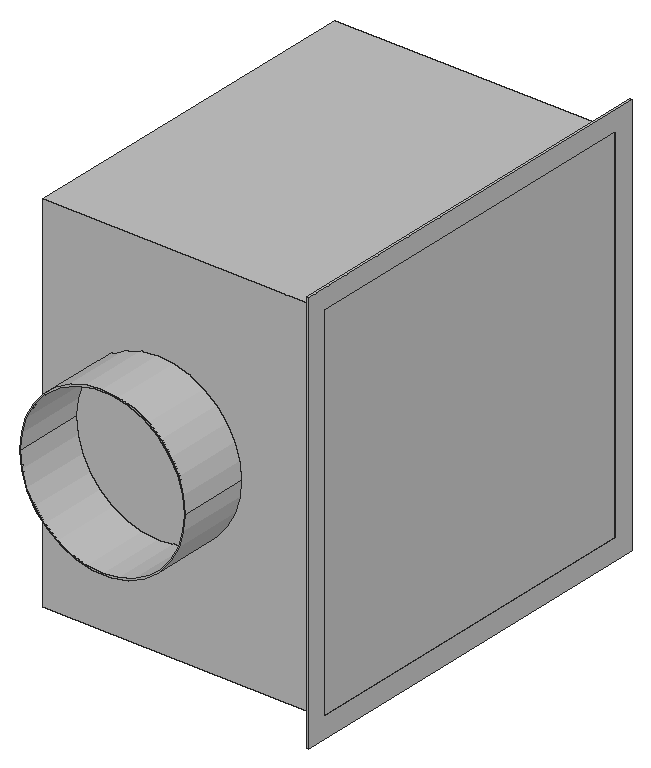
Revit family "FP_Revit_18_HBD600I_Internal_Blower_90001865A", category Specialty Equipment, Revit 2018
Family settings
  Round Connector Dimension = Use Diameter
  Part Type = Normal
  OmniClass Number = 23.40.40.00
  OmniClass Title = Food Service Equipment and Furnishings
  Work Plane-Based = No
  Always vertical = Yes
  Cut with Voids When Loaded = Yes
  Shared = No
  Room Calculation Point = No
Parameters (values of type "HBD600I (Outlet Front)")
  Visibility - Clearance Required = yes
  URL = "www.fisherpaykel.com"
  Product - Width = 254 mm  # constant formula
  Product - Height = 365 mm  # constant formula
  Product - Depth = 410 mm  # constant formula
  Outlet Down [instance] = no
  Outlet Front [instance] = yes
  Outlet Back [instance] = no
  Model = "HBD600I"
  Material - Body = Fisher & Paykel - Grey
  Manufacturer = "Fisher & Paykel Appliances"
  Keynote = ""
  Description = "Internal Blower"
  Connector Description - Extraction = "6” (152 mm) round ducting, 600 CFM"
  Connector Description - Electrical = "120 V, 60 Hz, 2.8 A"
  Chassis - Width = 254 mm  # constant formula
  Chassis - Height = 330 mm  # constant formula
  Chassis - Depth = 330 mm  # constant formula
Types (4, lengths in mm): name | Outlet Down | Outlet Front | Outlet Back
  (no name) | no | yes | no
  HBD600I (Outlet Down) | yes | no | no
  HBD600I (Outlet Back) | no | no | yes
  HBD600I (Outlet Front) | no | yes | no
Reference planes
  plane 1 "Datum": y = 0
  plane 2: z = 0
  plane 3 "Center (Left/Right)": x = 0
  plane 4 "Product - Width": x = -254
  plane 5 "Ducting": x = -149.905
Forms (mm)
  Extrusion 1, solid, material "Fisher & Paykel - Grey" <- "Material - Body", detail levels medium+fine
    sketch origin (229.237, 0, 0) x (0, 1, 0) y (0, 0, 1)
      loop
        line (182.5, 182.5) -> (-182.5, 182.5) -> (-182.5, -182.5) -> (182.5, -182.5) -> (182.5, 182.5)
      loop
        line (165, 165) -> (-165, 165) -> (-165, -165) -> (165, -165) -> (165, 165)
    from -231.237 to -229.237
  Extrusion 2, solid, material "Fisher & Paykel - Grey" <- "Material - Body"
    sketch origin (229.237, 0, 0) x (0, 1, 0) y (0, 0, 1)
      loop
        line (165, 165) -> (-165, 165) -> (-165, -165) -> (165, -165) -> (165, 165)
    from -483.237 to -231.237
  Extrusion 3, solid, material "Fisher & Paykel - Grey" <- "Material - Body", visible <- "Outlet Front"
    sketch origin (0, 0, 0) x (1, 0, 0) y (0, 0, 1)
      loop
        circle (-149.905, 0) r 75
      loop
        circle (-149.905, 0) r 74
    from 165 to 227.5
  Extrusion 4, solid, material "Fisher & Paykel - Grey"
    sketch origin (0, 0, 0) x (1, 0, 0) y (0, 0, 1)
      loop
        circle (-149.905, 0) r 3.5
    from -10 to 0
  Extrusion 5, solid, material "Fisher & Paykel - Grey" <- "Material - Body", visible <- "Outlet Back"
    sketch origin (0, 0, 0) x (1, 0, 0) y (0, 0, -1)
      loop
        circle (-149.905, 0) r 75
      loop
        circle (-149.905, 0) r 74
    from 165 to 227.5
  Extrusion 6, solid, material "Fisher & Paykel - Grey" <- "Material - Body", visible <- "Outlet Down"
    sketch origin (0, 0, 0) x (1, 0, 0) y (0, 1, 0)
      loop
        circle (-149.905, 0) r 75
      loop
        circle (-149.905, 0) r 74
    from -227.5 to -165
Text (mm)
  text "Due to ongoing product development, product details are subject to change without notice. \nPlease always refer to www.fisherpaykel.com for the most current product information. \n© Fisher & Paykel 2020" at (41.04, -459.323, 0), in view "Ref. Level (Plan)"
Dimensions and locks
  equal spacing: Extrusion 1, level, Extrusion 1
  "Product - Width": plane 4 "Product - Width" to plane 3 "Center (Left/Right)"
  equal spacing: Extrusion 2, level, Extrusion 2
  Extrusion 2 to Extrusion 3 = 62.5 mm
  locked: Extrusion 6 to Extrusion 2 at 62.5
  locked: Extrusion 5 to Extrusion 2 at 62.5
  aligned and locked: level to plane 2
  aligned and locked: plane 3 "Center (Left/Right)" to Extrusion 1
  aligned and locked: Extrusion 2 to Extrusion 1
  aligned and locked: plane 4 "Product - Width" to Extrusion 2
  aligned and locked: Extrusion 3 to Extrusion 2
  aligned and locked: Extrusion 1 sketch curve to Extrusion 2  (x4)
  aligned and locked: Extrusion 5 to Extrusion 2
  aligned and locked: Extrusion 6 to Extrusion 2
  aligned and locked: plane 1 "Datum" to Extrusion 4
Automatic sketch dimensions
  Extrusion 1 sketch curve to Extrusion 1 sketch curve = 17.5 mm  (x4)
  plane 1 "Datum" to Extrusion 2 sketch curve = 165 mm
  Extrusion 2 sketch curve to plane 1 "Datum" = 165 mm
  Extrusion 2 sketch curve to level = 165 mm
  level to Extrusion 2 sketch curve = 165 mm
  Extrusion 3 sketch curve to Extrusion 3 sketch curve = 0 mm  (x2)
  Extrusion 3 sketch curve to level = 0 mm
  Extrusion 3 sketch curve to plane 5 "Ducting" = 0 mm
  Extrusion 4 sketch curve to level = 0 mm
  Extrusion 4 sketch curve to plane 5 "Ducting" = 0 mm
  Extrusion 5 sketch curve to Extrusion 5 sketch curve = 0 mm  (x2)
  Extrusion 5 sketch curve to level = 0 mm
  Extrusion 5 sketch curve to plane 5 "Ducting" = 0 mm
  Extrusion 6 sketch curve to Extrusion 6 sketch curve = 0 mm  (x2)
  plane 1 "Datum" to Extrusion 6 sketch curve = 0 mm
  Extrusion 6 sketch curve to plane 3 "Center (Left/Right)" = 149.905 mm
  radius of Extrusion 3 sketch curve = 75 mm
  radius of Extrusion 3 sketch curve = 74 mm
  radius of Extrusion 4 sketch curve = 3.5 mm
  radius of Extrusion 5 sketch curve = 75 mm
  radius of Extrusion 5 sketch curve = 74 mm
  radius of Extrusion 6 sketch curve = 75 mm
  radius of Extrusion 6 sketch curve = 74 mm
Connectors
  hvac at (-149.905, -227.5, 0), driven by "Connector Description - Extraction"
    settings: on Extrusion 3, index 1, duct flow 0.0 L/s, flow factor 0, pres drop 0.0 Pa, loss coef 0, conn angle 0.00°, conn width 304.8 mm, conn height 304.8 mm, conn diameter 150 mm, duct sys type 4, conn prof type 0, flow config 0, flow direction 2, loss method 0, conn ref index -1, conn util no, is conn primary yes, conn desc "6” (152 mm) round ducting, 600 CFM"
  electrical at (-149.905, 10, 0), driven by "Connector Description - Electrical"
    settings: on Extrusion 4, index 2, voltage 120 V, apparent load 0 VA, apparent load phase1 0 VA, apparent load phase2 0 VA, apparent load phase3 0 VA, power factor 1, load classification "Other", number of poles 1, system type 30, power factor state 1, is connector primary yes, connector utility no, sub classification motor no, connector description "120 V, 60 Hz, 2.8 A"
  hvac at (-149.905, 0, -227.5), driven by "Connector Description - Extraction"
    settings: on Extrusion 6, index 3, duct flow 0.0 L/s, flow factor 0, pres drop 0.0 Pa, loss coef 0, conn angle 0.00°, conn width 304.8 mm, conn height 304.8 mm, conn diameter 150 mm, duct sys type 4, conn prof type 0, flow config 0, flow direction 2, loss method 0, conn ref index -1, conn util no, is conn primary no, conn desc "6” (152 mm) round ducting, 600 CFM"
  hvac at (-149.905, 227.5, 0), driven by "Connector Description - Extraction"
    settings: on Extrusion 5, index 4, duct flow 0.0 L/s, flow factor 0, pres drop 0.0 Pa, loss coef 0, conn angle 0.00°, conn width 304.8 mm, conn height 304.8 mm, conn diameter 150 mm, duct sys type 4, conn prof type 0, flow config 0, flow direction 2, loss method 0, conn ref index -1, conn util no, is conn primary no, conn desc "6” (152 mm) round ducting, 600 CFM"
